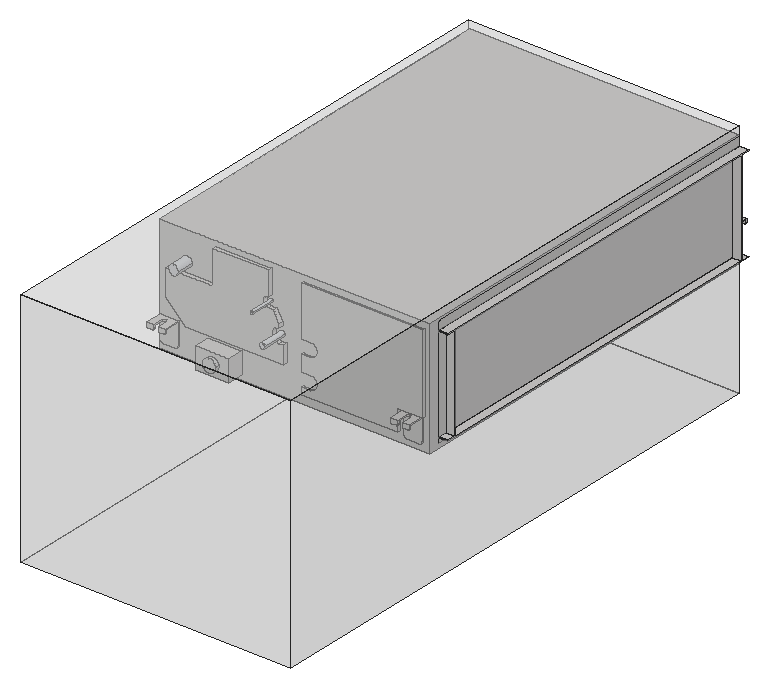
Revit family "outputfile", category 機械設備, Revit 2024
Family settings
  丸型コネクタ寸法 = 半径を使用
  パーツ タイプ = 標準
  OmniClass 番号 = 23.75.10.24.21.27.27
  OmniClass タイトル = Split System Air Conditioning Units
  作業面ベース = いいえ
  常に垂直 = はい
  ロード時にボイドで切り取り = いいえ
  注釈の向きを維持 = いいえ
  共有 = いいえ
  部屋計算ポイント = はい
Parameters (values of type "FXMQ50PAVS")
  Description = ""
  製造元 = "Daikin"
  書き出し IFC クラス(タイプ) = "IfcUnitaryEquipmentType"
  定義済み IFC タイプ(タイプ) = "AIRCONDITIONINGUNIT"
  Cost = 0
  モデル = "FXMQ50PAVS"
  Type Comments = ""
  Keynote = ""
  Type Image = (empty or 0)
  Assembly Code = ""
  r_Liquid Pipe Size = Liquid Pipe Size / 2  # 3.2 mm
  r_Gas Pipe Size = Gas Pipe Size / 2  # 6.35 mm
  r_Drain Pipe Size = Drain Pipe Size / 2  # 12.5 mm
  lw_power = 396.0 mm  # constant formula
  lh_SA = 165.0 mm  # constant formula
  lw_SA = if(Depth = 550.0 mm, 210.0 mm, if(Depth = 700.0 mm, 285.0 mm, if(Depth = 1000.0 mm, 435.0 mm, 635.0 mm)))  # 435.0 mm
  lw_RA = if(Depth = 550.0 mm, 288.0 mm, if(Depth = 700.0 mm, 363.0 mm, if(Depth = 1000.0 mm, 513.0 mm, 713.0 mm)))  # 513.0 mm
  lh_power = 60.0 mm + [h***]  # 60.0 mm
  lh_mountinghole1 = lh_mountinghole + [h***]  # 80.0 mm
  lh_RA = 150.0 mm  # constant formula
  ld_power = Depth / 2  # 500.0 mm
  Voltage_comment_50Hz = "220-240"
  Voltage_50Hz = 220 V
  URL = ""
  Supply Air Direction [instance] = yes
  Sound Power Level_H speed (dB) = 59
  Phase_50Hz = 1
  Minimum External Static Pressure = 50.00 Pa
  Minimum Circuit Amps_50Hz = 1.6 A
  Maximum Fuse Amps_50Hz = 16.0 A
  Maximum External Static Pressure = 200.00 Pa
  Material_Casing = DAIKIN_GalvanizedSteel_Casing_indoorunit
  lw_mountinghole = 631.0 mm  # constant formula
  lh_gaspipe = 144.0 mm + [h***]  # 144.0 mm
  lh_mountinghole = 80.0 mm  # constant formula
  lh_liquidpipe = 212.0 mm + [h***]  # 212.0 mm
  lh_drainpipe = 232.0 mm + [h***]  # 232.0 mm
  lh_antena = Height - lh_mountinghole + 1.0 mm  # 221.0 mm
  ld_drainpipe = Depth / 2 + 54.0 mm  # 554.0 mm
  ld_liquidpipe = 565.0 mm
  ld_gaspipe = 565.0 mm
  ld_mountinghole = Depth + 38.0 mm  # 1038.0 mm
  h*** = 0.0 mm  # constant formula
  lw_liquidpipe = 290.0 mm  # constant formula
  lw_gaspipe = 318.0 mm  # constant formula
  lw_drainpipe = 80.0 mm  # constant formula
  Width = 700.0 mm
  Version = "ver.1.0"
  Unit Type = "Middle-High Static Pressure Duct Type"
  Unit Mass Weight = 35.00 kg
  Unit Designation [instance] = ""
  Uniclass2015Version = "Products v1.30"
  Uniclass2015Title = "Variable refrigerant flow units"
  Uniclass2015Code = "Pr_70_65_03_94"
  Total Heating Capacity [instance] = 0.000 kW
  Total Cooling Capacity [instance] = 0.000 kW
  Sound Pressure Level_M speed (dBA) = 0
  Sound Pressure Level_L speed (dBA) = 37
  Sound Pressure Level_H speed (dBA) = 41
  Series = "VRV Fan Coil Unit"
  Sensible Cooling Capacity [instance] = 0.000 kW
  SA Duct Size Width = if(Depth = 550.0 mm, 310.0 mm, if(Depth = 700.0 mm, 460.0 mm, if(Depth = 1000.0 mm, 760.0 mm, 1160.0 mm)))  # 760.0 mm
  SA Duct Size Height = 215.0 mm
  Refrigerant Type = "R410A"
  RA Duct Size Width = if(Depth = 550.0 mm, 475.0 mm, if(Depth = 700.0 mm, 625.0 mm, if(Depth = 1000.0 mm, 925.0 mm, 1325.0 mm)))  # 925.0 mm
  RA Duct Size Height = 247.0 mm
  Power Input (Heating) = 0.203 kW
  Power Input (Cooling) = 0.215 kW
  Option Accessory 3 [instance] = ""
  Option Accessory 2 [instance] = ""
  Option Accessory 1 [instance] = ""
  Nominal Heating Capacity = 6.300 kW
  Nominal Cooling Capacity = 5.600 kW
  Minimum Airflow = 900.00 m³/h
  Median Airflow = 990.00 m³/h
  Maximum Airflow = 1080.00 m³/h
  Load Classification = HVAC
  Liquid Pipe Size = 6.4 mm
  Link_Nested Family [instance] = ""
  IfcVersion = "0"
  IfcExportType = "AIRCONDITIONINGUNIT"
  IfcExportAs = "IfcUnitaryEquipmentType"
  Height = 300.0 mm
  Heating Entering Wet Bulb Temperature [instance] = 0.00 °C
  Heating Entering Dry Bulb Temperature [instance] = 0.00 °C
  Heating Ambient Wet Bulb Temperature [instance] = 0.00 °C
  Heating Ambient Dry Bulb Temperature [instance] = 0.00 °C
  Heat Exchanger Type = "Cross Fin Coil"
  Gas Pipe Size = 12.7 mm
  Frequency_50Hz = 50 Hz
  Fan Type = "Sirocco Fan"
  Fan Drive = "Direct Drive"
  FCU Tag No. [instance] = ""
  Drain Pipe Size = 25.0 mm
  Design Supply Airflow [instance] = 0.00 m³/h
  Design Return Airflow [instance] = 0.00 m³/h
  Design External Static Pressure [instance] = 0.00 Pa
  Depth = 1000.0 mm
  既定の高さ = 0.0 mm
  Cooling Entering Wet Bulb Temperature [instance] = 0.00 °C
  Cooling Entering Dry Bulb Temperature [instance] = 0.00 °C
  Cooling Ambient Wet Bulb Temperature [instance] = 0.00 °C
  Cooling Ambient Dry Bulb Temperature [instance] = 0.00 °C
  Clearance visibility [instance] = yes
  Clearance Top = 20.0 mm
  Clearance Right = 0.0 mm
  Clearance Rear = 0.0 mm
  Clearance Left = 0.0 mm
  Clearance Front = 450.0 mm
  Clearance Bottom = 300.0 mm
Reference planes
  plane 1 "Center (Front/Back)": y = 0
  plane 2 "h": z = 0
  plane 3 "Center (Left/Right)": x = 0
  plane 4 "Back": y = 500
  plane 5 "Front": y = -500
  plane 6 "Left": x = -350
  plane 7 "Reight": x = 350
  plane 8 "Top": z = 0
  plane 9 "Bottom": z = -300
  plane 10: y = -215
  plane 11: y = 500
  plane 12: y = -950
  plane 13: x = -350
  plane 14: x = 350
  plane 15: z = 20
  plane 16: z = -600
  plane 17: x = -350
  plane 18: z = -135
  plane 19: x = -349
  plane 20: x = 349
  plane 21: y = 65
  plane 22: y = 13
  plane 23: z = -150
  plane 24: y = -510.8
  plane 25: z = -14
  plane 26: z = -219
  plane 27: x = -324
  plane 28: x = -60
  plane 29: x = -20
  plane 30: z = -156
  plane 31: x = -32
  plane 32: z = -88
  plane 33: x = 23
  plane 34: x = 335
  plane 35: z = -15.8
  plane 36: z = -274.8
  plane 37: z = -219.8
  plane 38: x = 271
  plane 39: x = -223.3
  plane 40: x = -138.3
  plane 41: z = -232.7
  plane 42: z = -288.5
  plane 43: y = -541
  plane 44: x = -181
  plane 45: z = -260
  plane 46: y = -551
  plane 47: z = -163.8
  plane 48: z = -239.8
  plane 49: x = 46
  plane 50: z = -88
  plane 51: x = -60
  plane 52: y = -565
  plane 53: z = -156
  plane 54: x = -32
  plane 55: y = -554
  plane 56: z = -68
  plane 57: x = -270
  plane 58: x = -270
  plane 59: x = -60
  plane 60: x = -32
  plane 61: x = 46
  plane 62: x = -323
  plane 63: x = 308
  plane 64: y = -519
  plane 65: y = 519
  plane 66: z = -220
  plane 67: y = -506
  plane 68: x = -204
  plane 69: z = -100.2
  plane 70: x = -374
  plane 71: x = 374
Forms (mm)
  Extrusion 1, solid, material "DAIKIN_GalvanizedSteel_Casing_indoorunit" <- "Material_Casing"
    sketch origin (0, 0, 0) x (1, 0, 0) y (0, 1, 0)
      loop
        line (-349, 500) -> (-349, -500) -> (349, -500) -> (349, 500) -> (-349, 500)
    from -300 to 0
  Extrusion 2, solid, material "DAIKIN_GalvanizedSteel_Casing_indoorunit" <- "Material_Casing"
    sketch origin (0, 0, 0) x (1, 0, 0) y (0, 0, 1)
      loop
        line (-324, -100.2) -> (-324, -168) -> (-273, -219) -> (-20, -219) -> (-20, -173.5) -> (-32, -173.5)
        arc (-32, -173.5) -> (-49.5, -156) -> (-32, -138.5) r 17.5
        line (-32, -138.5) -> (-32, -127.5) -> (-47, -101) -> (-60, -101)
        arc (-60, -101) -> (-73, -88) -> (-60, -75) r 13
        line (-60, -75) -> (-60, -14) -> (-204, -14) -> (-204, -100.2) -> (-324, -100.2)
    from 500 to 510.8
  Extrusion 3, solid, material "DAIKIN_GalvanizedSteel_Casing_indoorunit" <- "Material_Casing"
    sketch origin (0, 0, 0) x (1, 0, 0) y (0, 0, 1)
      loop
        line (23, -274.8) -> (271, -274.8) -> (271, -219.8) -> (335, -219.8) -> (335, -15.8) -> (23, -15.8) -> (23, -146.3) -> (46, -146.3)
        arc (46, -146.3) -> (63.5, -163.8) -> (46, -181.3) r 17.5
        line (46, -181.3) -> (23, -181.3) -> (23, -222.3) -> (46, -222.3)
        arc (46, -222.3) -> (63.5, -239.8) -> (46, -257.3) r 17.5
        line (46, -257.3) -> (23, -257.3) -> (23, -274.8)
    from 500 to 506
  Extrusion 4, solid, material "DAIKIN_GalvanizedSteel_Casing_indoorunit" <- "Material_Casing"
    sketch origin (0, 0, 0) x (1, 0, 0) y (0, 0, 1)
      loop
        line (-223.3, -232.7) -> (-223.3, -288.5) -> (-138.3, -288.5) -> (-138.3, -232.7) -> (-223.3, -232.7)
    from 500 to 541
  Extrusion 5, solid, material "DAIKIN_GalvanizedSteel_Casing_indoorunit" <- "Material_Casing"
    sketch origin (0, 0, 0) x (1, 0, 0) y (0, 0, 1)
      loop
        circle (-181, -260) r 16.5
    from 541 to 551
  Extrusion 6, solid
    sketch origin (0, 0, 0) x (1, 0, 0) y (0, 0, 1)
      loop
        circle (-60, -88) r 3.2
    from 500 to 565
  Extrusion 7, solid
    sketch origin (0, 0, 0) x (1, 0, 0) y (0, 0, 1)
      loop
        circle (-32, -156) r 6.35
    from 500 to 565
  Extrusion 8, solid
    sketch origin (0, 0, 0) x (1, 0, 0) y (0, 0, 1)
      loop
        circle (-270, -68) r 12.5
    from 510.8 to 554
Dimensions and locks
  "Height": plane 8 "Top" to plane 9 "Bottom"
  equal spacing: plane 4 "Back", plane 1 "Center (Front/Back)", plane 5 "Front"
  "Depth": plane 4 "Back" to plane 5 "Front"
  equal spacing: plane 6 "Left", plane 3 "Center (Left/Right)", plane 7 "Reight"
  "Width": plane 6 "Left" to plane 7 "Reight"
  "Clearance Left": plane 13 to plane 6 "Left"
  "Clearance Right": plane 7 "Reight" to plane 14
  "Clearance Rear": plane 11 to plane 4 "Back"
  "Clearance Front": plane 5 "Front" to plane 12
  "Clearance Top": plane 15 to plane 8 "Top"
  "Clearance Bottom": plane 9 "Bottom" to plane 16
  "lh_SA": plane 18 to plane 9 "Bottom"
  locked: plane 17 to plane 19 at 1
  locked: plane 20 to plane 14 at 1
  "lw_SA": plane 11 to plane 21
  "lw_RA": plane 22 to plane 5 "Front"
  "lh_RA": plane 23 to plane 9 "Bottom"
  locked: plane 5 "Front" to plane 24 at 10.8
  plane 29 to plane 28 to plane 27 to plane 6 "Left" = 40.0 mm, 264.0 mm, 26.0 mm
  locked: plane 31 to plane 6 "Left" at 318
  plane 34 to plane 33 to plane 6 "Left" = 312.0 mm locked, 373.0 mm locked
  locked: plane 34 to plane 38 at 64
  locked: plane 37 to plane 36 at 55
  plane 40 to plane 39 to plane 6 "Left" = 85.0 mm locked, 126.7 mm locked
  locked: plane 5 "Front" to plane 43 at 41
  locked: plane 44 to plane 6 "Left" at 169
  locked: plane 43 to plane 46 at 10
  plane 47 to plane 48 to plane 36 = 76.0 mm locked, 35.0 mm locked
  locked: plane 49 to plane 33 at 23
  "lw_liquidpipe": plane 51 to plane 6 "Left"
  "lh_liquidpipe": plane 50 to plane 9 "Bottom"
  "lh_gaspipe": plane 53 to plane 9 "Bottom"
  "lw_gaspipe": plane 54 to plane 6 "Left"
  "ld_gaspipe": plane 52 to plane 1 "Center (Front/Back)"
  "ld_drainpipe": plane 55 to plane 1 "Center (Front/Back)"
  "lh_drainpipe": plane 56 to plane 9 "Bottom"
  "lw_drainpipe": plane 57 to plane 6 "Left"
  "lw_drainpipe": plane 6 "Left" to plane 58
  "lw_liquidpipe": plane 6 "Left" to plane 59
  "lw_gaspipe": plane 6 "Left" to plane 60
  "lw_power": plane 6 "Left" to plane 61
  plane 17 to plane 62 = 27.0 mm
  "lw_mountinghole": plane 62 to plane 63
  equal spacing: plane 64, plane 1 "Center (Front/Back)", plane 65
  "ld_mountinghole": plane 65 to plane 64
  "lh_mountinghole": plane 66 to plane 9 "Bottom"
  plane 8 "Top" to plane 41 to plane 42 = 232.7 mm locked, 55.8 mm locked
  locked: plane 8 "Top" to plane 45 at 260
  plane 8 "Top" to plane 25 to plane 26 = 14.0 mm locked, 205.0 mm locked
  plane 8 "Top" to plane 32 to plane 30 = 88.0 mm locked, 68.0 mm locked
  plane 8 "Top" to plane 35 to plane 36 = 15.8 mm locked, 259.0 mm locked
  locked: plane 5 "Front" to plane 67 at 6
  locked: plane 25 to plane 69 at 86.2
  locked: plane 27 to plane 68 at 120
  locked: plane 70 to plane 6 "Left" at 24
  locked: plane 14 to plane 71 at 24
  "r_Liquid Pipe Size": radius of Extrusion 6 sketch curve
  "r_Gas Pipe Size": radius of Extrusion 7 sketch curve
  "r_Drain Pipe Size": radius of Extrusion 8 sketch curve
  aligned and locked: level to plane 2 "h"
  aligned and locked: plane 8 "Top" to Extrusion 1
  aligned and locked: Extrusion 1 to plane 9 "Bottom"
  aligned and locked: nested 5 to plane 12
  aligned and locked: plane 13 to nested 5
  aligned and locked: plane 14 to nested 5
  aligned and locked: nested 5 to plane 13
  aligned and locked: plane 11 to nested 5
  aligned and locked: plane 15 to nested 5
  aligned and locked: plane 16 to nested 5
  aligned and locked: plane 5 "Front" to Extrusion 1 sketch curve
  aligned and locked: Extrusion 1 to plane 19
  aligned and locked: plane 20 to Extrusion 1
  aligned and locked: nested 7 to plane 19
  aligned and locked: nested 7 to plane 21
  aligned and locked: plane 18 to nested 7
  aligned and locked: plane 20 to nested 8
  aligned and locked: plane 22 to nested 8
  aligned and locked: plane 23 to nested 8
  aligned and locked: Extrusion 2 to plane 24
  aligned and locked: plane 5 "Front" to Extrusion 2
  aligned and locked: plane 36 to Extrusion 3 sketch curve
  aligned and locked: plane 38 to Extrusion 3 sketch curve
  aligned and locked: plane 37 to Extrusion 3 sketch curve
  aligned and locked: Extrusion 3 sketch curve to plane 34
  aligned and locked: Extrusion 3 sketch curve to plane 35
  aligned and locked: Extrusion 3 sketch curve to plane 33
  aligned and locked: plane 5 "Front" to Extrusion 3
  aligned and locked: Extrusion 4 sketch curve to plane 41
  aligned and locked: Extrusion 4 sketch curve to plane 39
  aligned and locked: plane 42 to Extrusion 4 sketch curve
  aligned and locked: plane 40 to Extrusion 4 sketch curve
  aligned and locked: Extrusion 4 to plane 43
  aligned and locked: plane 5 "Front" to Extrusion 4
  aligned and locked: Extrusion 5 sketch curve to plane 44
  aligned and locked: plane 45 to Extrusion 5 sketch curve
  aligned and locked: Extrusion 5 to plane 46
  aligned and locked: plane 43 to Extrusion 5
  aligned and locked: Extrusion 6 sketch curve to plane 51
  aligned and locked: plane 50 to Extrusion 6 sketch curve
  aligned and locked: Extrusion 6 to plane 52
  aligned and locked: plane 5 "Front" to Extrusion 6
  aligned and locked: Extrusion 7 sketch curve to plane 54
  aligned and locked: plane 53 to Extrusion 7 sketch curve
  aligned and locked: Extrusion 7 to Extrusion 6
  aligned and locked: plane 5 "Front" to Extrusion 7
  aligned and locked: Extrusion 8 sketch curve to plane 57
  aligned and locked: plane 56 to Extrusion 8 sketch curve
  aligned and locked: Extrusion 8 to plane 55
  aligned and locked: plane 24 to Extrusion 8
  aligned and locked: nested 3 to plane 55
  aligned and locked: plane 58 to nested 3
  aligned and locked: nested 2 to plane 59
  aligned and locked: nested 2 to plane 52
  aligned and locked: nested 1 to plane 60
  aligned and locked: Extrusion 7 to plane 52
  aligned and locked: nested 1 to plane 52
  aligned and locked: nested 6 to plane 5 "Front"
  aligned and locked: nested 6 to plane 61
  aligned and locked: plane 62 to nested 10
  aligned and locked: nested 10 to plane 5 "Front"
  aligned and locked: plane 63 to nested 9
  aligned and locked: nested 9 to plane 5 "Front"
  aligned and locked: nested 11 to plane 62
  aligned and locked: plane 4 "Back" to nested 11
  aligned and locked: nested 12 to plane 63
  aligned and locked: plane 4 "Back" to nested 12
  aligned and locked: plane 66 to nested 10
  aligned and locked: plane 66 to nested 11
  aligned and locked: plane 66 to nested 9
  aligned and locked: plane 66 to nested 12
  aligned and locked: plane 62 to nested 14
  aligned and locked: nested 14 to plane 65
  aligned and locked: plane 63 to nested 13
  aligned and locked: nested 13 to plane 65
  aligned and locked: plane 63 to nested 16
  aligned and locked: plane 64 to nested 16
  aligned and locked: plane 64 to nested 15
  aligned and locked: plane 62 to nested 15
  aligned and locked: Extrusion 3 to plane 67
  aligned and locked: Extrusion 2 sketch curve to plane 68
  aligned and locked: plane 69 to Extrusion 2 sketch curve
  aligned and locked: nested 17 to plane 21
  aligned and locked: nested 17 to plane 70
  aligned and locked: plane 18 to nested 17
  aligned and locked: plane 22 to nested 18
  aligned and locked: plane 71 to nested 18
  aligned and locked: nested 18 to plane 23
  aligned and locked: nested 4 to plane 3 "Center (Left/Right)"
  aligned and locked: plane 1 "Center (Front/Back)" to nested 4
  aligned and locked: level to plane 8 "Top"
Automatic sketch dimensions
  plane 6 "Left" to Extrusion 1 sketch curve = 1.0 mm
  Extrusion 1 sketch curve to plane 7 "Reight" = 1.0 mm
  Extrusion 1 sketch curve to plane 4 "Back" = 0.0 mm
  Extrusion 3 sketch curve to plane 33 = 0.0 mm  (x2)
  Extrusion 3 sketch curve to plane 47 = 0.0 mm
  Extrusion 3 sketch curve to plane 49 = 0.0 mm  (x4)
  Extrusion 3 sketch curve to plane 48 = 0.0 mm
  Extrusion 3 sketch curve to plane 37 = 2.5 mm
  plane 23 to Extrusion 3 sketch curve = 3.7 mm
  plane 27 to Extrusion 2 sketch curve = 0.0 mm
  Extrusion 2 sketch curve to plane 26 = 0.0 mm
  Extrusion 2 sketch curve to plane 28 = 0.0 mm
  Extrusion 2 sketch curve to plane 31 = 0.0 mm
  Extrusion 2 sketch curve to plane 29 = 0.0 mm
  Extrusion 2 sketch curve to plane 30 = 0.0 mm
  Extrusion 2 sketch curve to plane 32 = 0.0 mm
  Extrusion 2 sketch curve to plane 25 = 0.0 mm
  Extrusion 2 sketch curve to Extrusion 2 sketch curve = 13.0 mm
  Extrusion 2 sketch curve to Extrusion 2 sketch curve = 17.5 mm
  plane 18 to Extrusion 2 sketch curve = 7.5 mm
  Extrusion 2 sketch curve to plane 58 = 3.0 mm
  Extrusion 2 sketch curve to plane 30 = 12.0 mm
  Extrusion 2 sketch curve to Extrusion 2 sketch curve = 0.8 mm
  radius of Extrusion 5 sketch curve = 16.5 mm
Nested families
  nested 1: "daikin_connector_rotate2" at (-32, 0, -156), length <- "ld_gaspipe", built-in parameter 1001364 <- "lh_gaspipe", radius <- "r_Gas Pipe Size", type "daikin_connector_rotate2"
    with radius 6.35 mm, length 565.0 mm, angle_vertical 90.00°
  nested 2: "daikin_connector_rotate2" at (-60, 0, -88), length <- "ld_liquidpipe", built-in parameter 1001364 <- "lh_liquidpipe", radius <- "r_Liquid Pipe Size", type "daikin_connector_rotate2"
    with radius 3.2 mm, length 565.0 mm, angle_vertical 90.00°
  nested 3: "daikin_connector_rotate2" at (-270, 0, -68), length <- "ld_drainpipe", built-in parameter 1001364 <- "lh_drainpipe", radius <- "r_Drain Pipe Size", type "daikin_connector_rotate2"
    with radius 12.5 mm, length 554.0 mm, angle_vertical 90.00°
  nested 4: "daikin_△_symbolicline" at (0, 0, 300) x (0, -1, 0) z (0, 0, 1), built-in parameter 1001364 <- "Height", visible <- "Supply Air Direction", type "daikin_△_symbolicline"
    with length 200.0 mm
  nested 5: "daikin_clearancespace" at (0, -225, -289.881), visible <- "Clearance visibility", show <- "Clearance visibility", Link_Nested Family <- "Link_Nested Family", type "daikin_clearancespace"
    with width 700.0 mm, show yes, height 620.0 mm, depth 1450.0 mm, Link_Nested Family ""
  nested 6: "daikin_connector_rotate2" at (46, 0, -240), built-in parameter 1001364 <- "lh_power", length <- "ld_power", type "daikin_connector_rotate2"
    with radius 10.0 mm, length 500.0 mm, angle_vertical 90.00°
  nested 7: "daikin_ductflange_FXMQ-PAVS2" at (-349, 65, -135) x (0, -1, 0) z (0, 0, 1), type "daikin_ductflange_FXMQ-PAVS2"
    with width 760.0 mm, w 1000.0 mm
  nested 8: "daikin_ductflange_FXMQ-PAVS" at (349, 13, -150) x (0, 1, 0) z (0, 0, 1), type "daikin_ductflange_FXMQ-PAVS"
    with width 925.0 mm, w 1000.0 mm
  nested 9: "daikin_hangerfixture_FXMQ-PAVS" at (308, -500, -220), type "daikin_hangerfixture_FXMQ-PAVS"
  nested 10: "daikin_hangerfixture_FXMQ-PAVS" at (-323, -500, -220), type "daikin_hangerfixture_FXMQ-PAVS"
  nested 11: "daikin_hangerfixture_FXMQ-PAVS" at (-323, 500, -220) x (-1, 0, 0) z (0, 0, 1), type "daikin_hangerfixture_FXMQ-PAVS"
  nested 12: "daikin_hangerfixture_FXMQ-PAVS" at (308, 500, -220) x (-1, 0, 0) z (0, 0, 1), type "daikin_hangerfixture_FXMQ-PAVS"
  nested 13: "daikin_mountinghole" at (308, 519, -300), h_mountinghole <- "lh_mountinghole1", l_antenna <- "lh_antena", Link_Nested Family <- "Link_Nested Family", type "daikin_mountinghole"
    with show yes, l_antenna 221.0 mm, h_mountinghole 80.0 mm, Link_Nested Family ""
  nested 14: "daikin_mountinghole" at (-323, 519, -300), h_mountinghole <- "lh_mountinghole1", l_antenna <- "lh_antena", Link_Nested Family <- "Link_Nested Family", type "daikin_mountinghole"
    with show yes, l_antenna 221.0 mm, h_mountinghole 80.0 mm, Link_Nested Family ""
  nested 15: "daikin_mountinghole" at (-323, -519, -300), h_mountinghole <- "lh_mountinghole1", l_antenna <- "lh_antena", Link_Nested Family <- "Link_Nested Family", type "daikin_mountinghole"
    with show yes, l_antenna 221.0 mm, h_mountinghole 80.0 mm, Link_Nested Family ""
  nested 16: "daikin_mountinghole" at (308, -519, -300), h_mountinghole <- "lh_mountinghole1", l_antenna <- "lh_antena", Link_Nested Family <- "Link_Nested Family", type "daikin_mountinghole"
    with show yes, l_antenna 221.0 mm, h_mountinghole 80.0 mm, Link_Nested Family ""
  nested 17: "daikin_connector_rotate2" at (-350, 65, -135) x (0, -1, 0) z (0, 0, 1), type "daikin_connector_rotate2"
    with radius 10.0 mm, length 24.0 mm, angle_vertical 90.00°
  nested 18: "daikin_connector_rotate2" at (350, 13, -150) x (0, 1, 0) z (0, 0, 1), type "daikin_connector_rotate2"
    with radius 10.0 mm, length 24.0 mm, angle_vertical 90.00°
Connectors
  piping at (-270, -554, -68), diameter 25, driven by "r_Drain Pipe Size"
    settings: on nested 3, index 3, connector inside diameter 609.6 mm, connector length 0.0 mm, flow factor 0, pipe flow 0.00 m³/h, pressure drop 0.0 Pa, fitting loss kfactor 0, connector angle 0.00°, fixture units 0, engagement length 0.0 mm, angle of deflection 0.00°, flow configuration 1, flow direction 2, fitting loss method 4, system type 16, joint type 0, gender type 0, connector reference index -1, connector utility 0, adjustable connector no, is connector primary yes, connector description "Condensate Drain Piping"
  piping at (-32, -565, -156), diameter 12.7, driven by "r_Gas Pipe Size"
    settings: on nested 1, index 4, connector inside diameter 609.6 mm, connector length 0.0 mm, flow factor 0, pipe flow 0.00 m³/h, pressure drop 0.0 Pa, fitting loss kfactor 0, connector angle 0.00°, fixture units 0, engagement length 0.0 mm, angle of deflection 0.00°, flow configuration 1, flow direction 2, fitting loss method 0, system type 29, joint type 0, gender type 0, connector reference index -1, connector utility 0, adjustable connector no, is connector primary no, connector description "Refrigerant Gas Piping"
  piping at (-60, -565, -88), diameter 6.4, driven by "r_Liquid Pipe Size"
    settings: on nested 2, index 5, connector inside diameter 609.6 mm, connector length 0.0 mm, flow factor 0, pipe flow 0.00 m³/h, pressure drop 0.0 Pa, fitting loss kfactor 0, connector angle 0.00°, fixture units 0, engagement length 0.0 mm, angle of deflection 0.00°, flow configuration 1, flow direction 1, fitting loss method 0, system type 29, joint type 0, gender type 0, connector reference index -1, connector utility 0, adjustable connector no, is connector primary no, connector description "Refrigerant Liquid Piping"
  electrical at (46, -500, -240), driven by "Load Classification"
    settings: on nested 6, index 6, voltage 0 V, apparent load 0 VA, apparent load phase1 0 VA, apparent load phase2 0 VA, apparent load phase3 0 VA, power factor 1, load classification "HVAC", number of poles 1, system type 30, power factor state 1, is connector primary yes, connector utility no, sub classification motor no, connector description "Power Supply"
  hvac at (-374, 65, -135), driven by "SA Duct Size Height", driven by "SA Duct Size Width"
    settings: on nested 17, index 7, duct flow 0.00 m³/h, flow factor 0, pres drop 0.00 Pa, loss coef 0, conn angle 0.00°, conn width 760.0 mm, conn height 215.0 mm, conn diameter 609.6 mm, duct sys type 1, conn prof type 1, flow config 0, flow direction 2, loss method 4, conn ref index -1, conn util no, is conn primary yes, conn desc "SA Duct"
  hvac at (374, 13, -150), driven by "RA Duct Size Height", driven by "RA Duct Size Width"
    settings: on nested 18, index 8, duct flow 0.00 m³/h, flow factor 0, pres drop 0.00 Pa, loss coef 0, conn angle 0.00°, conn width 925.0 mm, conn height 247.0 mm, conn diameter 609.6 mm, duct sys type 2, conn prof type 1, flow config 0, flow direction 1, loss method 4, conn ref index -1, conn util no, is conn primary no, conn desc "RA Duct"
Definition of nested family "daikin_clearancespace"
  Parameters (values of type "daikin_clearancespace")
    width [instance] = 1823.963 mm
    show [instance] = yes
    material = none
    height [instance] = 1359.762 mm
    depth [instance] = 880.0 mm
    Default Elevation = 0.0 mm
    Link_Nested Family [instance] = ""
  Reference planes
    plane 1 "Center (Front/Back)": y = 0
    plane 2 "Center (Elevation)": z = -0.119
    plane 3 "Center (Left/Right)": x = 0
    plane 4: y = 440
    plane 5: y = -440
    plane 6 "Right": x = 911.982
    plane 7 "Left": x = -911.982
    plane 8 "Top": z = 679.762
    plane 9 "Bottom": z = -680
  Forms (mm)
    Extrusion 1, solid, material <- "material", visible <- "show"
      sketch origin (0, 0, 0) x (1, 0, 0) y (0, 1, 0)
        loop
          line (-911.982, 440) -> (-911.982, -440) -> (911.982, -440) -> (911.982, 440) -> (-911.982, 440)
      from -680 to 679.762
  Lines and regions (mm)
    symbolic lines, visible <- "show"
      curve 1: line (911.982, 440, 0) -> (-911.982, 440, 0)
      curve 2: line (-911.982, 440, 0) -> (-911.982, -440, 0)
      curve 3: line (-911.982, -440, 0) -> (911.982, -440, 0)
      curve 4: line (911.982, -440, 0) -> (911.982, 440, 0)
      curve 5: line (911.982, 0, 679.762) -> (-911.982, 0, 679.762)
      curve 6: line (911.982, 0, -680) -> (911.982, 0, 679.762)
      curve 7: line (-911.982, 0, -680) -> (911.982, 0, -680)
      curve 8: line (-911.982, 0, 679.762) -> (-911.982, 0, -680)
      curve 9: line (0, 440, 679.762) -> (0, -440, 679.762)
      curve 10: line (0, -440, 679.762) -> (0, -440, -680)
      curve 11: line (0, 440, -680) -> (0, 440, 679.762)
      curve 12: line (0, -440, -680) -> (0, 440, -680)
  Dimensions and locks
    "width": plane 7 "Left" to plane 6 "Right"
    "depth": plane 4 to plane 5
    "height": plane 8 "Top" to plane 9 "Bottom"
    equal spacing: plane 7 "Left", plane 3 "Center (Left/Right)", plane 6 "Right"
    equal spacing: plane 4, plane 1 "Center (Front/Back)", plane 5
    equal spacing: plane 8 "Top", plane 2 "Center (Elevation)", plane 9 "Bottom"
    aligned and locked: level to plane 2 "Center (Elevation)"
    aligned and locked: Extrusion 1 sketch curve to plane 4
    aligned and locked: plane 7 "Left" to Extrusion 1 sketch curve
    aligned and locked: Extrusion 1 sketch curve to plane 5
    aligned and locked: Extrusion 1 sketch curve to plane 6 "Right"
    aligned and locked: plane 8 "Top" to Extrusion 1
    aligned and locked: curve 1 to Extrusion 1
    aligned and locked: curve 2 to Extrusion 1
    aligned and locked: curve 3 to Extrusion 1
    aligned and locked: curve 4 to Extrusion 1
    aligned and locked: curve 5 to Extrusion 1
    aligned and locked: curve 6 to Extrusion 1
    aligned and locked: curve 7 to Extrusion 1
    aligned and locked: curve 8 to Extrusion 1
    aligned and locked: curve 9 to Extrusion 1
    aligned and locked: curve 10 to Extrusion 1
    aligned and locked: curve 11 to Extrusion 1
    aligned and locked: curve 12 to Extrusion 1
    aligned and locked: Extrusion 1 to plane 9 "Bottom"
Definition of nested family "daikin_ductflange_FXMQ-PAVS2"
  Parameters (values of type "daikin_ductflange_FXDSQ-AVM2")
    width = if(w = 550.0 mm, 310.0 mm, if(w = 700.0 mm, 460.0 mm, if(w = 1000.0 mm, 760.0 mm, 1160.0 mm)))  # 310.0 mm
    material = none
    height = 215.0 mm
    depth = 1.0 mm
    w = 550.0 mm
    Default Elevation = 0.0 mm
  Reference planes
    plane 1 "Center (Front/Back)": y = 0
    plane 2: z = 0
    plane 3 "Center (Left/Right)": x = 0
    plane 4: z = 107.5
    plane 5: z = -107.5
    plane 6: y = -25
    plane 7: z = 132.5
    plane 8: z = 108.5
    plane 9: y = -1
    plane 10: x = -177.5
    plane 11: x = 177.5
    plane 12: z = -132.5
    plane 13: z = -108.5
    plane 14: y = -1
    plane 15: x = 155
    plane 16: x = -155
    plane 17: x = 156
    plane 18: z = 106.5
    plane 19: z = -106.5
    plane 20: x = -156
    plane 21: z = 106.5
    plane 22: z = -106.5
    plane 23: y = -1
  Forms (mm)
    Extrusion 1, solid, material <- "material"
      sketch origin (0, 0, 0) x (0, 1, 0) y (0, 0, 1)
        loop
          line (-25, 107.5) -> (0, 107.5) -> (0, 132.5) -> (-1, 132.5) -> (-1, 108.5) -> (-25, 108.5) -> (-25, 107.5)
      from -177.5 to 177.5
    Extrusion 2, solid, material <- "material"
      sketch origin (0, 0, 0) x (0, 1, 0) y (0, 0, 1)
        loop
          line (-25, -107.5) -> (-25, -108.5) -> (-1, -108.5) -> (-1, -132.5) -> (0, -132.5) -> (0, -107.5) -> (-25, -107.5)
      from -177.5 to 177.5
    Extrusion 3, solid, material <- "material"
      sketch origin (0, 0, 0) x (1, 0, 0) y (0, 0, 1)
        loop
          line (155, 107.5) -> (155, -107.5) -> (177.5, -107.5) -> (177.5, -106.5) -> (156, -106.5) -> (156, 106.5) -> (177.5, 106.5) -> (177.5, 107.5) -> (155, 107.5)
      from 0 to 25
    Extrusion 4, solid, material <- "material"
      sketch origin (0, 0, 0) x (1, 0, 0) y (0, 0, 1)
        loop
          line (-177.5, 107.5) -> (-177.5, 106.5) -> (-156, 106.5) -> (-156, -106.5) -> (-177.5, -106.5) -> (-177.5, -107.5) -> (-155, -107.5) -> (-155, 107.5) -> (-177.5, 107.5)
      from 0 to 25
    Extrusion 5, solid, material <- "material"
      sketch origin (0, 0, 0) x (1, 0, 0) y (0, 0, 1)
        loop
          line (-177.5, 107.5) -> (-177.5, -107.5) -> (-155, -107.5) -> (-155, 107.5) -> (-177.5, 107.5)
        loop
          line (177.5, 107.5) -> (155, 107.5) -> (155, -107.5) -> (177.5, -107.5) -> (177.5, 107.5)
      from 0 to 1
  Cuts and joins
    joined: Extrusion 1, Extrusion 2, Extrusion 3, Extrusion 4, Extrusion 5
  Dimensions and locks
    plane 4 to level to plane 5 = 107.5 mm locked, 107.5 mm locked
    locked: plane 6 to plane 1 "Center (Front/Back)" at 25
    locked: plane 9 to plane 1 "Center (Front/Back)" at 1
    locked: plane 8 to plane 4 at 1
    locked: plane 11 to plane 15 at 22.5
    locked: plane 16 to plane 10 at 22.5
    locked: plane 17 to plane 15 at 1
    locked: plane 4 to plane 18 at 1
    locked: plane 19 to plane 5 at 1
    "width": plane 15 to plane 16
    plane 4 to plane 5 = 215.0 mm
    equal spacing: plane 15, plane 3 "Center (Left/Right)", plane 16
    locked: plane 16 to plane 20 at 1
    locked: plane 4 to plane 21 at 1
    locked: plane 22 to plane 5 at 1
    locked: plane 23 to plane 1 "Center (Front/Back)" at 1
    aligned and locked: level to plane 2
    aligned and locked: Extrusion 1 to plane 10
    aligned and locked: plane 11 to Extrusion 1
    aligned and locked: plane 5 to Extrusion 2
    aligned and locked: Extrusion 2 to plane 1 "Center (Front/Back)"
    aligned and locked: plane 15 to Extrusion 3 sketch curve
    aligned and locked: Extrusion 3 sketch curve to Extrusion 2  (x2)
    aligned and locked: Extrusion 3 sketch curve to plane 11
    aligned and locked: plane 6 to Extrusion 3
    aligned and locked: Extrusion 2 to plane 10
    aligned and locked: plane 11 to Extrusion 2
    aligned and locked: Extrusion 4 sketch curve to Extrusion 1  (x2)
    aligned and locked: plane 5 to Extrusion 4 sketch curve
    aligned and locked: Extrusion 4 sketch curve to plane 16
    aligned and locked: Extrusion 4 sketch curve to plane 22
    aligned and locked: plane 20 to Extrusion 4 sketch curve
    aligned and locked: plane 21 to Extrusion 4 sketch curve
    aligned and locked: Extrusion 4 to plane 1 "Center (Front/Back)"
    aligned and locked: plane 6 to Extrusion 4
    aligned and locked: Extrusion 5 sketch curve to Extrusion 1  (x4)
    aligned and locked: Extrusion 5 sketch curve to Extrusion 4  (x2)
    aligned and locked: Extrusion 5 sketch curve to Extrusion 3  (x2)
    aligned and locked: Extrusion 5 to plane 1 "Center (Front/Back)"
    aligned and locked: plane 23 to Extrusion 5
  Automatic sketch dimensions
    Extrusion 1 sketch curve to plane 6 = 0.0 mm
    Extrusion 1 sketch curve to plane 7 = 0.0 mm
    Extrusion 1 sketch curve to plane 9 = 0.0 mm
    Extrusion 1 sketch curve to plane 1 "Center (Front/Back)" = 0.0 mm
    Extrusion 1 sketch curve to plane 4 = 0.0 mm
    Extrusion 1 sketch curve to plane 8 = 0.0 mm
    Extrusion 2 sketch curve to plane 6 = 0.0 mm
    plane 12 to Extrusion 2 sketch curve = 0.0 mm
    Extrusion 2 sketch curve to plane 14 = 0.0 mm
    Extrusion 2 sketch curve to plane 1 "Center (Front/Back)" = 0.0 mm
    plane 13 to Extrusion 2 sketch curve = 0.0 mm
    Extrusion 2 sketch curve to plane 5 = 0.0 mm
    Extrusion 3 sketch curve to plane 17 = 0.0 mm
    Extrusion 3 sketch curve to plane 19 = 0.0 mm
    Extrusion 3 sketch curve to plane 18 = 0.0 mm
    Extrusion 3 sketch curve to plane 4 = 0.0 mm
    Extrusion 4 sketch curve to plane 10 = 0.0 mm
Definition of nested family "daikin_ductflange_FXMQ-PAVS"
  Parameters (values of type "daikin_ductflange_FXDSQ-AVM")
    width = if(w = 550.0 mm, 475.0 mm, if(w = 700.0 mm, 625.0 mm, if(w = 1000.0 mm, 925.0 mm, 1325.0 mm)))  # 475.0 mm
    material = none
    height = 247.0 mm
    depth = 1.0 mm
    w = 550.0 mm
    Default Elevation = 0.0 mm
  Reference planes
    plane 1 "Center (Front/Back)": y = 0
    plane 2: z = 0
    plane 3 "Center (Left/Right)": x = 0
    plane 4: z = 123.5
    plane 5: z = -123.5
    plane 6: y = -25
    plane 7: z = 146.5
    plane 8: z = 124.5
    plane 9: y = -1
    plane 10: x = -260
    plane 11: x = 260
    plane 12: z = -137
    plane 13: z = -124.5
    plane 14: y = -1
    plane 15: x = 237.5
    plane 16: x = -237.5
    plane 17: x = 238.5
    plane 18: z = 122.5
    plane 19: z = -122.5
    plane 20: x = -238.5
    plane 21: z = 122.5
    plane 22: z = -122.5
    plane 23: y = -1
  Forms (mm)
    Extrusion 1, solid, material <- "material"
      sketch origin (0, 0, 0) x (0, 1, 0) y (0, 0, 1)
        loop
          line (-25, 123.5) -> (0, 123.5) -> (0, 146.5) -> (-1, 146.5) -> (-1, 124.5) -> (-25, 124.5) -> (-25, 123.5)
      from -260 to 260
    Extrusion 2, solid, material <- "material"
      sketch origin (0, 0, 0) x (0, 1, 0) y (0, 0, 1)
        loop
          line (-25, -123.5) -> (-25, -124.5) -> (-1, -124.5) -> (-1, -137) -> (0, -137) -> (0, -123.5) -> (-25, -123.5)
      from -260 to 260
    Extrusion 3, solid, material <- "material"
      sketch origin (0, 0, 0) x (1, 0, 0) y (0, 0, 1)
        loop
          line (237.5, 123.5) -> (237.5, -123.5) -> (260, -123.5) -> (260, -122.5) -> (238.5, -122.5) -> (238.5, 122.5) -> (260, 122.5) -> (260, 123.5) -> (237.5, 123.5)
      from 0 to 25
    Extrusion 4, solid, material <- "material"
      sketch origin (0, 0, 0) x (1, 0, 0) y (0, 0, 1)
        loop
          line (-260, 123.5) -> (-260, 122.5) -> (-238.5, 122.5) -> (-238.5, -122.5) -> (-260, -122.5) -> (-260, -123.5) -> (-237.5, -123.5) -> (-237.5, 123.5) -> (-260, 123.5)
      from 0 to 25
    Extrusion 5, solid, material <- "material"
      sketch origin (0, 0, 0) x (1, 0, 0) y (0, 0, 1)
        loop
          line (-260, 123.5) -> (-260, -123.5) -> (-237.5, -123.5) -> (-237.5, 123.5) -> (-260, 123.5)
        loop
          line (260, 123.5) -> (237.5, 123.5) -> (237.5, -123.5) -> (260, -123.5) -> (260, 123.5)
      from 0 to 1
  Cuts and joins
    joined: Extrusion 1, Extrusion 2, Extrusion 3, Extrusion 4, Extrusion 5
  Dimensions and locks
    plane 4 to level to plane 5 = 123.5 mm, 123.5 mm
    locked: plane 6 to plane 1 "Center (Front/Back)" at 25
    locked: plane 9 to plane 1 "Center (Front/Back)" at 1
    locked: plane 8 to plane 4 at 1
    locked: plane 11 to plane 15 at 22.5
    locked: plane 16 to plane 10 at 22.5
    locked: plane 17 to plane 15 at 1
    locked: plane 4 to plane 18 at 1
    locked: plane 19 to plane 5 at 1
    "width": plane 15 to plane 16
    equal spacing: plane 15, plane 3 "Center (Left/Right)", plane 16
    locked: plane 16 to plane 20 at 1
    locked: plane 4 to plane 21 at 1
    locked: plane 22 to plane 5 at 1
    locked: plane 23 to plane 1 "Center (Front/Back)" at 1
    equal spacing: plane 4, level, plane 5
    locked: plane 7 to plane 4 at 23
    locked: plane 5 to plane 12 at 13.5
    locked: plane 1 "Center (Front/Back)" to plane 14 at 1
    locked: plane 5 to plane 13 at 1
    locked: plane 4 to plane 5 at 247
    aligned and locked: level to plane 2
    aligned and locked: Extrusion 1 to plane 10
    aligned and locked: plane 11 to Extrusion 1
    aligned and locked: plane 5 to Extrusion 2
    aligned and locked: Extrusion 2 to plane 1 "Center (Front/Back)"
    aligned and locked: plane 15 to Extrusion 3 sketch curve
    aligned and locked: Extrusion 3 sketch curve to Extrusion 2  (x2)
    aligned and locked: Extrusion 3 sketch curve to plane 11
    aligned and locked: plane 6 to Extrusion 3
    aligned and locked: Extrusion 2 to plane 10
    aligned and locked: plane 11 to Extrusion 2
    aligned and locked: Extrusion 4 sketch curve to Extrusion 1  (x2)
    aligned and locked: plane 5 to Extrusion 4 sketch curve
    aligned and locked: Extrusion 4 sketch curve to plane 16
    aligned and locked: Extrusion 4 sketch curve to plane 22
    aligned and locked: plane 20 to Extrusion 4 sketch curve
    aligned and locked: plane 21 to Extrusion 4 sketch curve
    aligned and locked: Extrusion 4 to plane 1 "Center (Front/Back)"
    aligned and locked: plane 6 to Extrusion 4
    aligned and locked: Extrusion 5 sketch curve to Extrusion 1  (x4)
    aligned and locked: Extrusion 5 sketch curve to Extrusion 4  (x2)
    aligned and locked: Extrusion 5 sketch curve to Extrusion 3  (x2)
    aligned and locked: Extrusion 5 to plane 1 "Center (Front/Back)"
    aligned and locked: plane 23 to Extrusion 5
  Automatic sketch dimensions
    Extrusion 1 sketch curve to plane 6 = 0.0 mm
    Extrusion 1 sketch curve to plane 7 = 0.0 mm
    Extrusion 1 sketch curve to plane 9 = 0.0 mm
    Extrusion 1 sketch curve to plane 1 "Center (Front/Back)" = 0.0 mm
    Extrusion 1 sketch curve to plane 4 = 0.0 mm
    Extrusion 1 sketch curve to plane 8 = 0.0 mm
    Extrusion 2 sketch curve to plane 6 = 0.0 mm
    plane 12 to Extrusion 2 sketch curve = 0.0 mm
    Extrusion 2 sketch curve to plane 14 = 0.0 mm
    Extrusion 2 sketch curve to plane 1 "Center (Front/Back)" = 0.0 mm
    plane 13 to Extrusion 2 sketch curve = 0.0 mm
    Extrusion 2 sketch curve to plane 5 = 0.0 mm
    Extrusion 3 sketch curve to plane 17 = 0.0 mm
    Extrusion 3 sketch curve to plane 19 = 0.0 mm
    Extrusion 3 sketch curve to plane 18 = 0.0 mm
    Extrusion 3 sketch curve to plane 4 = 0.0 mm
    Extrusion 4 sketch curve to plane 10 = 0.0 mm
Definition of nested family "daikin_hangerfixture_FXMQ-PAVS"
  Parameters (values of type "daikin_hangerfixture_FXMQ-PAVE")
    width = 48.0 mm
    material = none
    height = 65.0 mm
    depth = 45.0 mm
    Default Elevation = 0.0 mm
  Reference planes
    plane 1 "Center (Front/Back)": y = 0
    plane 2: z = 0
    plane 3 "Center (Left/Right)": x = 0
    plane 4: y = 417.146
    plane 5: y = -45
    plane 6: x = -24
    plane 7: x = 24
    plane 8: z = -2.3
    plane 9: z = -65
    plane 10: y = -2.3
    plane 11: z = -12
    plane 12: y = -42.7
  Forms (mm)
    Extrusion 1, solid, material <- "material"
      sketch origin (0, 0, 0) x (1, 0, 0) y (0, 1, 0)
        loop
          line (24, 0) -> (-24, 0) -> (-24, -45) -> (-6, -45) -> (-6, -19)
          arc (-6, -19) -> (0, -13) -> (6, -19) r 6
          line (6, -19) -> (6, -45) -> (24, -45) -> (24, 0)
      from 0 to -2.3
    Extrusion 2, solid, material <- "material"
      sketch origin (0, 0, 0) x (1, 0, 0) y (0, 0, 1)
        loop
          line (24, -55) -> (24, 0) -> (-24, 0) -> (-24, -55)
          arc (-24, -55) -> (-21.071, -62.071) -> (-14, -65) r 10
          line (-14, -65) -> (14, -65)
          arc (14, -65) -> (21.071, -62.071) -> (24, -55) r 10
      from 0 to 2.3
    Extrusion 3, solid, material <- "material"
      sketch origin (0, 0, 0) x (1, 0, 0) y (0, 0, 1)
        loop
          line (-6, -9) -> (-6, 0) -> (-24, 0) -> (-24, -9)
          arc (-24, -9) -> (-23.121, -11.121) -> (-21, -12) r 3
          line (-21, -12) -> (-9, -12)
          arc (-9, -12) -> (-6.879, -11.121) -> (-6, -9) r 3
        loop
          line (6, 0) -> (6, -9)
          arc (6, -9) -> (6.879, -11.121) -> (9, -12) r 3
          line (9, -12) -> (21, -12)
          arc (21, -12) -> (23.121, -11.121) -> (24, -9) r 3
          line (24, -9) -> (24, 0) -> (6, 0)
      from 42.7 to 45
  Cuts and joins
    joined: Extrusion 1, Extrusion 2, Extrusion 3
  Dimensions and locks
    "width": plane 6 to plane 7
    "depth": plane 5 to plane 1 "Center (Front/Back)"
    plane 2 to plane 8 = 2.3 mm
    "height": plane 2 to plane 9
    locked: plane 10 to plane 1 "Center (Front/Back)" at 2.3
    locked: plane 2 to plane 11 at 12
    locked: plane 12 to plane 5 at 2.3
    aligned and locked: level to plane 2
    aligned and locked: Extrusion 1 sketch curve to plane 1 "Center (Front/Back)"
    aligned and locked: plane 7 to Extrusion 1
    aligned and locked: Extrusion 1 to plane 6
    aligned and locked: Extrusion 1 to plane 5  (x2)
    aligned and locked: Extrusion 1 to plane 8
    aligned and locked: plane 2 to Extrusion 1
    aligned and locked: plane 2 to Extrusion 2 sketch curve
    aligned and locked: Extrusion 2 to plane 9
    aligned and locked: Extrusion 2 to plane 10
    aligned and locked: Extrusion 2 to plane 1 "Center (Front/Back)"
    aligned and locked: plane 2 to Extrusion 3 sketch curve  (x2)
    aligned and locked: Extrusion 3 to plane 11  (x2)
    aligned and locked: plane 12 to Extrusion 3
    aligned and locked: Extrusion 3 to plane 5
  Automatic sketch dimensions
    Extrusion 1 sketch curve to plane 6 = 0.0 mm
    Extrusion 1 sketch curve to plane 5 = 0.0 mm  (x2)
    Extrusion 1 sketch curve to plane 3 "Center (Left/Right)" = 0.0 mm
    Extrusion 1 sketch curve to plane 7 = 0.0 mm
    Extrusion 1 sketch curve to plane 3 "Center (Left/Right)" = 6.0 mm
    plane 1 "Center (Front/Back)" to Extrusion 1 sketch curve = 19.0 mm
    Extrusion 2 sketch curve to plane 7 = 0.0 mm
    Extrusion 2 sketch curve to plane 7 = 10.0 mm
    Extrusion 2 sketch curve to plane 8 = 52.7 mm
    plane 6 to Extrusion 2 sketch curve = 10.0 mm
    Extrusion 2 sketch curve to plane 6 = 0.0 mm
    Extrusion 3 sketch curve to plane 6 = 0.0 mm
    Extrusion 3 sketch curve to plane 7 = 0.0 mm
    Extrusion 3 sketch curve to Extrusion 3 sketch curve = 3.0 mm  (x2)
    Extrusion 3 sketch curve to plane 8 = 6.7 mm
    Extrusion 3 sketch curve to plane 3 "Center (Left/Right)" = 9.0 mm
    Extrusion 3 sketch curve to plane 3 "Center (Left/Right)" = 6.0 mm
    plane 3 "Center (Left/Right)" to Extrusion 3 sketch curve = 6.0 mm
    Extrusion 3 sketch curve to plane 7 = 3.0 mm
    Extrusion 3 sketch curve to plane 8 = 9.7 mm
Definition of nested family "daikin_connector_rotate2"
  Parameters (values of type "daikin_connector_rotate2")
    Default Elevation = 1219.2 mm
    show_face = no
    radius [instance] = 10.0 mm
    length [instance] = 600.0 mm
    d_surface = 10.0 mm
    angle_vertical [instance] = 90.00°
  Reference planes
    plane 1 "Center (Front/Back)": y = 0
    plane 2: z = 0
    plane 3 "Center (Left/Right)": x = 0
  Forms (mm)
    Extrusion 1, solid, visible <- "show_face"
      sketch origin (0, -600, 0) x (1, 0, 0) y (0, 0, 1)
        loop
          circle (0, 0) r 10
      from 0 to -10
  Lines and regions (mm)
    reference lines
      curve 1: line (0, 0, 0) -> (0, -600, 0)
    symbolic lines
      curve 2: circle (0, 0, 0) r 5 normal (0, 0, 1)
    model lines, visible <- "show_face"
      curve 3: line (0, 0, 0) -> (0, -600, 0)
  Dimensions and locks
    "length": curve 1 to curve 1
    "length": curve 3 to curve 3
    "d_surface": Extrusion 1 to Extrusion 1
    "radius": radius of Extrusion 1 sketch curve
    "angle_vertical": angle curve 1 to plane 1 "Center (Front/Back)"
    "angle_vertical": angle curve 3 to plane 1 "Center (Front/Back)"
    aligned and locked: level to plane 2
    aligned and locked: plane 1 "Center (Front/Back)" to curve 1
    aligned and locked: plane 2 to curve 1
    aligned and locked: plane 1 "Center (Front/Back)" to curve 2
    aligned and locked: plane 3 "Center (Left/Right)" to curve 2
    aligned and locked: plane 1 "Center (Front/Back)" to curve 3
    aligned and locked: plane 2 to curve 3
    aligned and locked: Extrusion 1 to Extrusion 1
  Automatic sketch dimensions
    Extrusion 1 sketch curve to level = 0.0 mm
    Extrusion 1 sketch curve to plane 3 "Center (Left/Right)" = 0.0 mm
    radius of curve 2 = 5.0 mm
Definition of nested family "daikin_△_symbolicline"
  Parameters (values of type "daikin_△_symbolicline")
    length [instance] = 200.0 mm
    Default Elevation = 0.0 mm
  Reference planes
    plane 1 "Center (Front/Back)": y = 0
    plane 2: z = 0
    plane 3 "Center (Left/Right)": x = 0
  Lines and regions (mm)
    symbolic lines
      curve 1: line (0, -173.205, 0) -> (100, 0, 0)
      curve 2: line (100, 0, 0) -> (-100, 0, 0)
      curve 3: line (-100, 0, 0) -> (0, -173.205, 0)
  Dimensions and locks
    equal spacing: curve 3, plane 3 "Center (Left/Right)", curve 2
    "length": curve 3 to curve 2
    "length": curve 3 to curve 3
    "length": curve 1 to curve 1
    aligned and locked: level to plane 2
    aligned and locked: curve 2 to plane 1 "Center (Front/Back)"
    aligned and locked: plane 3 "Center (Left/Right)" to curve 3
Definition of nested family "daikin_mountinghole"
  Parameters (values of type "daikin_mountinghole")
    Default Elevation = 1219.2 mm
    Type Comments = "mountinghole"
    show [instance] = yes
    material = none
    l_centerline = 100.0 mm
    l_antenna [instance] = 100.0 mm
    h_mountinghole [instance] = 0.0 mm
    d_circle = 30.0 mm
    Link_Nested Family [instance] = ""
  Reference planes
    plane 1 "Center (Front/Back)": y = 0
    plane 2: z = 0
    plane 3 "Center (Left/Right)": x = 0
    plane 4: y = 50
    plane 5: x = -50
    plane 6: x = 50
    plane 7: y = -50
    plane 8 "h_mountinghole": z = 0
    plane 9: z = 100
  Lines and regions (mm)
    model lines, detail levels fine
      curve 1: circle (0, 0, 0) r 15 normal (0, 0, 1)
      curve 2: line (-50, 0, 0) -> (50, 0, 0)
      curve 3: line (0, 50, 0) -> (0, -50, 0)
    symbolic lines, detail levels fine
      curve 4: circle (0, 0, 0) r 15 normal (0, 0, 1)
      curve 5: line (-50, 0, 0) -> (50, 0, 0)
      curve 6: line (0, 50, 0) -> (0, -50, 0)
    model lines
      curve 7: line (0, 0, 100) -> (0, 0, 0)
  Dimensions and locks
    equal spacing: plane 4, plane 1 "Center (Front/Back)", plane 7
    "l_centerline": plane 4 to plane 7
    equal spacing: plane 5, plane 3 "Center (Left/Right)", plane 6
    "l_centerline": plane 5 to plane 6
    "l_antenna": plane 9 to plane 8 "h_mountinghole"
    "h_mountinghole": plane 8 "h_mountinghole" to plane 2
    "d_circle": diameter of curve 1
    "d_circle": diameter of curve 4
    aligned and locked: level to plane 2
    aligned and locked: plane 1 "Center (Front/Back)" to curve 1
    aligned and locked: plane 3 "Center (Left/Right)" to curve 1
    aligned and locked: plane 1 "Center (Front/Back)" to curve 2
    aligned and locked: curve 3 to plane 3 "Center (Left/Right)"
    aligned and locked: plane 6 to curve 2
    aligned and locked: plane 5 to curve 2
    aligned and locked: plane 4 to curve 3
    aligned and locked: plane 7 to curve 3
    aligned and locked: plane 1 "Center (Front/Back)" to curve 4
    aligned and locked: plane 3 "Center (Left/Right)" to curve 4
    aligned and locked: plane 6 to curve 5
    aligned and locked: plane 5 to curve 5
    aligned and locked: plane 1 "Center (Front/Back)" to curve 5
    aligned and locked: plane 4 to curve 6
    aligned and locked: plane 7 to curve 6
    aligned and locked: curve 6 to plane 3 "Center (Left/Right)"
    aligned and locked: curve 7 to plane 3 "Center (Left/Right)"
    aligned and locked: plane 9 to curve 7
    aligned and locked: plane 8 "h_mountinghole" to curve 7
